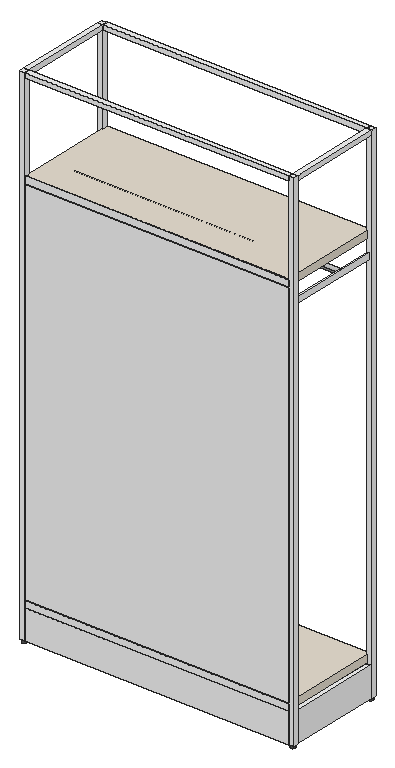
Revit family "okamura_ML1EHF_ライブス シェルフ_コートハンガーユニット_木棚板_1200W×450D×2236H", category 家具, Revit 2017
Family settings
  OmniClass 番号 = 23.40.20.00
  OmniClass タイトル = General Furniture and Specialties
  作業面に基づく = いいえ
  常に垂直 = はい
  ロード時にボイドで切り取り = いいえ
  共有 = いいえ
  部屋計算ポイント = いいえ
Parameters (values of type "MU03（プライズウッドライト/ネオホワイト）")
  製造元 = "株式会社オカムラ"
  製品名称 [instance] = "ライブス シェルフ"  # constant formula
  製品仕様 [instance] = "コートハンガーユニット ハイタイプ 木棚板"  # constant formula
  製品コード/色仕様 = "ML1EHF"  # constant formula
  製品コード [instance] = "ML1EHF"  # constant formula
  製品カテゴリ = "クリエイティブファニチュア"  # constant formula
  色仕様名称 [instance] = "プライズウッドライト/ネオホワイト"
  色仕様コード [instance] = "MU03"
  支柱 = okm_ZA75
  天板 = okm_MX61
  導入日 [instance] = ""
  区分 = "シェルフ"  # constant formula
  共通仕様 = ""
  備考 = ""
  シリアルNo [instance] = ""
  キーノート = "12490"
  アセンブリ コード = "E2020200"
  W = 1200.0 mm
  URL = "http://www.okamura.co.jp/"
  Product_URL = ""
  ID [instance] = ""
  H = 2236.0 mm
  D = 450.0 mm
  Copyright [instance] = "©2020.04 okamura Corp."  # constant formula
Types (15, lengths in mm): name | 色仕様名称 | 色仕様コード | 支柱 | 天板
  (no name) | "プライズウッドライト/ネオホワイト" | "MU03" | okm_ZA75 | okm_MX61
  MDY7（プライズウッドライト/ブラック） | "プライズウッドライト/ブラック" | "MDY7" | okm_Z25 | okm_MX61
  MDY8（プライズウッドミディアム/ブラック） | "プライズウッドミディアム/ブラック" | "MDY8" | okm_Z25 | okm_MX62
  MDY9（プライズウッドダーク/ブラック） | "プライズウッドダーク/ブラック" | "MDY9" | okm_Z25 | okm_MX63
  MU03（プライズウッドライト/ネオホワイト） | "プライズウッドライト/ネオホワイト" | "MU03" | okm_ZA75 | okm_MX61
  MU04（プライズウッドミディアム/ネオホワイト） | "プライズウッドミディアム/ネオホワイト" | "MU04" | okm_ZA75 | okm_MX62
  MU05（プライズウッドダーク/ネオホワイト） | "プライズウッドダーク/ネオホワイト" | "MU05" | okm_ZA75 | okm_MX63
  MGM4（ビンテージエルム/ネオホワイト） | "ビンテージエルム/ネオホワイト" | "MGM4" | okm_ZA75 | okm_MEP4
  MGM1（チョークドエルム/ネオホワイト） | "チョークドエルム/ネオホワイト" | "MGM1" | okm_ZA75 | okm_MEP1
  MGM2（ソーンオーク/ネオホワイト） | "ソーンオーク/ネオホワイト" | "MGM2" | okm_ZA75 | okm_MEP2
  MGM3（ラスティックパイン/ネオホワイト） | "ラスティックパイン/ネオホワイト" | "MGM3" | okm_ZA75 | okm_MEP3
  MGL4（ビンテージエルム/ブラック） | "ビンテージエルム/ブラック" | "MGL4" | okm_Z25 | okm_MEP4
  MGL1（チョークドエルム/ブラック） | "チョークドエルム/ブラック" | "MGL1" | okm_Z25 | okm_MEP1
  MGL2（ソーンオーク/ブラック） | "ソーンオーク/ブラック" | "MGL2" | okm_Z25 | okm_MEP2
  MGL3（ラスティックパイン/ブラック） | "ラスティックパイン/ブラック" | "MGL3" | okm_Z25 | okm_MEP3
Reference planes
  plane 1 "中心(正面/背面)": y = -100
  plane 2: z = 0
  plane 3 "中心(左/右)": x = 0
  plane 4 "左": x = -600
  plane 5 "右": x = 600
  plane 6 "背面": y = 125
  plane 7 "正面": y = -325
  plane 8 "上": z = 2236
  plane 9: z = 2215
Forms (mm)
  Extrusion 1, solid, material "okm_ZA75" <- "支柱"
    sketch origin (0, 1.25, 0) x (1, 0, 0) y (0, 1, 0)
      loop
        line (576.5, -302.75) -> (576.5, -323.75) -> (597.5, -323.75) -> (597.5, -302.75) -> (576.5, -302.75)
      loop
        line (576.5, 123.75) -> (576.5, 102.75) -> (597.5, 102.75) -> (597.5, 123.75) -> (576.5, 123.75)
      loop
        line (-576.5, -302.75) -> (-597.5, -302.75) -> (-597.5, -323.75) -> (-576.5, -323.75) -> (-576.5, -302.75)
      loop
        line (-576.5, 123.75) -> (-597.5, 123.75) -> (-597.5, 102.75) -> (-576.5, 102.75) -> (-576.5, 123.75)
    from 10 to 2236
  Extrusion 2, solid, material "okm_MX61" <- "天板"
    sketch origin (0, 1.25, -189.472) x (1, 0, 0) y (0, 1, 0)
      loop
        line (-574.5, 123.75) -> (-574.5, -318.75) -> (574.5, -318.75) -> (574.5, 123.75) -> (-574.5, 123.75)
    from 329.472 to 359.472
  Extrusion 3, solid, material "okm_ZA75" <- "支柱"
    sketch origin (0, 1.25, 0) x (1, 0, 0) y (0, 1, 0)
      loop
        line (-597.5, 102.75) -> (-597.5, -302.75) -> (-576.5, -302.75) -> (-576.5, 102.75) -> (-597.5, 102.75)
      loop
        line (597.5, 102.75) -> (576.5, 102.75) -> (576.5, -302.75) -> (597.5, -302.75) -> (597.5, 102.75)
    from 2236 to 2215
  Extrusion 4, solid, material "okm_ZA75" <- "支柱"
    sketch origin (0, 1.25, 460) x (0, -1, 0) y (1, 0, 0)
      loop
        line (-102.75, -574.5) -> (-102.75, -595.5) -> (302.75, -595.5) -> (302.75, -574.5) -> (-102.75, -574.5)
      loop
        line (-102.75, 595.5) -> (-102.75, 574.5) -> (302.75, 574.5) -> (302.75, 595.5) -> (-102.75, 595.5)
    from -320 to -450
  Extrusion 5, solid, material "okm_ZA75" <- "支柱"
    sketch origin (-200, -198.75, 460) x (-1, 0, 0) y (0, -1, 0)
      loop
        line (376.5, -300.75) -> (-776.5, -300.75) -> (-776.5, -321.75) -> (376.5, -321.75) -> (376.5, -300.75)
      loop
        line (376.5, 121.75) -> (-776.5, 121.75) -> (-776.5, 100.75) -> (376.5, 100.75) -> (376.5, 121.75)
    from -320 to -450
  Extrusion 6, solid, material "okm_G155"
    sketch origin (0, 1.25, 0) x (1, 0, 0) y (0, 1, 0)
      loop
        circle (-587, 113.25) r 10
      loop
        circle (-587, -313.25) r 10
      loop
        circle (587, 113.25) r 10
      loop
        circle (587, -313.25) r 10
    from 0 to 10
  Extrusion 7, solid, material "okm_ZA75" <- "支柱"
    sketch origin (-100, 101.25, 0) x (0, 1, 0) y (-1, 0, 0)
      loop
        line (-402.75, -676.5) -> (-402.75, 476.5) -> (-423.75, 476.5) -> (-423.75, -676.5) -> (-402.75, -676.5)
      loop
        line (23.75, -676.5) -> (23.75, 476.5) -> (2.75, 476.5) -> (2.75, -676.5) -> (23.75, -676.5)
    from 2236 to 2215
  Extrusion 8, solid, material "okm_MX61" <- "天板"
    sketch origin (0, 1.25, 2431.451) x (1, 0, 0) y (0, 1, 0)
      loop
        line (-574.5, 123.75) -> (-574.5, -318.75) -> (574.5, -318.75) -> (574.5, 123.75) -> (-574.5, 123.75)
    from -631.451 to -601.451
  Extrusion 9, solid, material "okm_ZA75" <- "支柱"
    sketch origin (0, -100, 0) x (1, 0, 0) y (0, 0, 1)
      loop
        line (-584.5, 1749.3) -> (-584.5, 1724.3) -> (-576.5, 1724.3) -> (-576.5, 1749.3) -> (-584.5, 1749.3)
      loop
        line (576.5, 1749.3) -> (576.5, 1724.3) -> (584.5, 1724.3) -> (584.5, 1749.3) -> (576.5, 1749.3)
    from -204 to 201.5
  Extrusion 10, solid, material "okm_FX4"
    sketch origin (0, 50, 0) x (0, 1, 0) y (0, 0, 1)
      loop
        circle (-91, 1736.8) r 11
    from -576.5 to 576.5
  Extrusion 11, solid, material "okm_ZA75" <- "支柱"
    sketch origin (0, 0, 0) x (0, 1, 0) y (0, 0, 1)
      loop
        line (-322.5, 1796) -> (-322.5, 174) -> (-301.5, 174) -> (-301.5, 1796) -> (-322.5, 1796)
      loop
        line (-322.5, 1830) -> (-322.5, 1800) -> (-317.5, 1800) -> (-317.5, 1830) -> (-322.5, 1830)
      loop
        line (-317.5, 170) -> (-322.5, 170) -> (-322.5, 140) -> (-317.5, 140) -> (-317.5, 170)
    from -574.5 to 574.5
Lines and regions (mm)
  Masking region 1
    outline origin (0, 0, 0) x (1, 0, 0) y (0, 1, 0)
      loop
        line (-600, 125) -> (-600, -325) -> (600, -325) -> (600, 125) -> (-600, 125)
  symbolic lines, style "okm_簡略", detail levels coarse
    curve 1: line (600, 125, 0) -> (-600, 125, 0)
    curve 2: line (-600, -325, 0) -> (600, -325, 0)
    curve 3: line (-600, 125, 0) -> (-600, -325, 0)
    curve 7: line (600, 125, 0) -> (600, -325, 0)
    curve 13: line (600, 104, 0) -> (-600, 104, 0)
    curve 14: line (-600, -304, 0) -> (600, -304, 0)
    curve 15: line (-579, 125, 0) -> (-579, -325, 0)
    curve 16: line (579, -325, 0) -> (579, 125, 0)
    curve 17: line (-579, -80, 0) -> (579, -80, 0)
    curve 18: line (579, -102, 0) -> (-579, -102, 0)
  symbolic lines, style "okm_標準・詳細", detail levels medium+fine
    curve 4: line (-600, 125, 0) -> (600, 125, 0)
    curve 5: line (-600, -325, 0) -> (-600, 125, 0)
    curve 6: line (600, -325, 0) -> (-600, -325, 0)
    curve 8: line (600, -325, 0) -> (600, 125, 0)
    curve 9: line (600, 104, 0) -> (-600, 104, 0)
    curve 10: line (-579, 125, 0) -> (-579, -325, 0)
    curve 11: line (-600, -304, 0) -> (600, -304, 0)
    curve 12: line (579, -325, 0) -> (579, 125, 0)
    curve 19: line (579, -80, 0) -> (-579, -80, 0)
    curve 20: line (-579, -102, 0) -> (579, -102, 0)
Dimensions and locks
  equal spacing: plane 4 "左", plane 3 "中心(左/右)", plane 5 "右"
  "W": plane 4 "左" to plane 5 "右"
  equal spacing: plane 7 "正面", plane 1 "中心(正面/背面)", plane 6 "背面"
  "D": plane 7 "正面" to plane 6 "背面"
  "H": plane 8 "上" to level
  locked: plane 8 "上" to plane 9 at 21
  aligned and locked: level to plane 2
  aligned and locked: Extrusion 7 to Extrusion 1  (x4)
  aligned and locked: Extrusion 9 to Extrusion 1  (x2)
  aligned and locked: Extrusion 10 to Extrusion 1  (x2)
  aligned and locked: Extrusion 2 to plane 6 "背面"
Automatic sketch dimensions
  Masking region 1 sketch curve to plane 4 "左" = 0.0 mm
  Masking region 1 sketch curve to plane 5 "右" = 0.0 mm
  plane 7 "正面" to Masking region 1 sketch curve = 0.0 mm
  plane 6 "背面" to Masking region 1 sketch curve = 0.0 mm
  plane 6 "背面" to Extrusion 1 sketch curve = 0.0 mm  (x2)
  plane 4 "左" to Extrusion 1 sketch curve = 2.5 mm  (x2)
  Extrusion 1 sketch curve to Extrusion 1 sketch curve = 21.0 mm  (x4)
  Extrusion 1 sketch curve to plane 7 "正面" = 2.5 mm  (x2)
  Extrusion 1 sketch curve to plane 5 "右" = 23.5 mm  (x2)
  Extrusion 1 sketch curve to plane 5 "右" = 2.5 mm  (x2)
  plane 6 "背面" to Extrusion 1 sketch curve = 21.0 mm  (x2)
  plane 6 "背面" to Extrusion 2 sketch curve = 0.0 mm
  Extrusion 2 sketch curve to plane 7 "正面" = 7.5 mm
  plane 4 "左" to Extrusion 2 sketch curve = 25.5 mm
  Extrusion 2 sketch curve to plane 5 "右" = 25.5 mm
  plane 4 "左" to Extrusion 3 sketch curve = 2.5 mm
  Extrusion 3 sketch curve to Extrusion 3 sketch curve = 21.0 mm
  Extrusion 3 sketch curve to plane 5 "右" = 23.5 mm
  Extrusion 3 sketch curve to plane 5 "右" = 2.5 mm
  Extrusion 3 sketch curve to plane 7 "正面" = 23.5 mm  (x2)
  plane 6 "背面" to Extrusion 3 sketch curve = 21.0 mm  (x2)
  plane 6 "背面" to Extrusion 4 sketch curve = 21.0 mm  (x2)
  Extrusion 4 sketch curve to plane 7 "正面" = 23.5 mm  (x2)
  Extrusion 4 sketch curve to plane 5 "右" = 4.5 mm
  Extrusion 4 sketch curve to Extrusion 4 sketch curve = 21.0 mm
  plane 4 "左" to Extrusion 4 sketch curve = 25.5 mm
  plane 4 "左" to Extrusion 4 sketch curve = 4.5 mm
  Extrusion 5 sketch curve to plane 5 "右" = 23.5 mm  (x2)
  plane 4 "左" to Extrusion 5 sketch curve = 23.5 mm  (x2)
  plane 6 "背面" to Extrusion 5 sketch curve = 2.0 mm
  Extrusion 5 sketch curve to Extrusion 5 sketch curve = 21.0 mm
  Extrusion 5 sketch curve to plane 7 "正面" = 25.5 mm
  Extrusion 5 sketch curve to plane 7 "正面" = 4.5 mm
  plane 4 "左" to Extrusion 6 sketch curve = 13.0 mm  (x2)
  Extrusion 6 sketch curve to plane 5 "右" = 13.0 mm  (x2)
  Extrusion 6 sketch curve to plane 7 "正面" = 13.0 mm  (x2)
  plane 6 "背面" to Extrusion 6 sketch curve = 10.5 mm  (x2)
  plane 6 "背面" to Extrusion 7 sketch curve = 0.0 mm
  Extrusion 7 sketch curve to plane 6 "背面" = 21.0 mm
  plane 7 "正面" to Extrusion 7 sketch curve = 23.5 mm
  plane 7 "正面" to Extrusion 7 sketch curve = 2.5 mm
  Extrusion 7 sketch curve to plane 4 "左" = 23.5 mm  (x2)
  plane 5 "右" to Extrusion 7 sketch curve = 23.5 mm  (x2)
  plane 6 "背面" to Extrusion 8 sketch curve = 0.0 mm
  Extrusion 8 sketch curve to plane 7 "正面" = 7.5 mm
  plane 4 "左" to Extrusion 8 sketch curve = 25.5 mm
  Extrusion 8 sketch curve to plane 5 "右" = 25.5 mm
  plane 4 "左" to Extrusion 9 sketch curve = 15.5 mm
  Extrusion 9 sketch curve to Extrusion 9 sketch curve = 8.0 mm  (x2)
  Extrusion 9 sketch curve to plane 5 "右" = 23.5 mm
  Extrusion 9 sketch curve to plane 9 = 490.7 mm  (x2)
  Extrusion 9 sketch curve to Extrusion 9 sketch curve = 25.0 mm  (x2)
  Extrusion 10 sketch curve to plane 1 "中心(正面/背面)" = 59.0 mm
  Extrusion 10 sketch curve to plane 9 = 478.2 mm
  Extrusion 11 sketch curve to plane 7 "正面" = 2.5 mm  (x3)
  Extrusion 11 sketch curve to Extrusion 11 sketch curve = 5.0 mm  (x2)
  Extrusion 11 sketch curve to Extrusion 11 sketch curve = 16.0 mm
  level to Extrusion 11 sketch curve = 140.0 mm
  Extrusion 11 sketch curve to Extrusion 11 sketch curve = 30.0 mm  (x2)
  Extrusion 11 sketch curve to Extrusion 11 sketch curve = 4.0 mm  (x2)
  Extrusion 11 sketch curve to plane 9 = 419.0 mm
  curve 11 to plane 4 "左" = 0.0 mm
  plane 6 "背面" to curve 15 = 0.0 mm
  plane 7 "正面" to curve 15 = 0.0 mm
  curve 14 to plane 5 "右" = 0.0 mm
  plane 1 "中心(正面/背面)" to curve 20 = 2.0 mm
  plane 4 "左" to curve 20 = 21.0 mm
  plane 4 "左" to curve 15 = 21.0 mm
  curve 16 to plane 5 "右" = 21.0 mm
  curve 12 to curve 16 = 0.0 mm
  curve 11 to plane 7 "正面" = 21.0 mm
  curve 14 to curve 11 = 0.0 mm
  curve 18 to curve 20 = 0.0 mm
  curve 19 to plane 1 "中心(正面/背面)" = 20.0 mm
  curve 17 to curve 19 = 0.0 mm
  curve 13 to curve 1 = 21.0 mm
  curve 9 to curve 13 = 0.0 mm
  radius of Extrusion 6 sketch curve = 10.0 mm  (x4)
  radius of Extrusion 10 sketch curve = 11.0 mm
